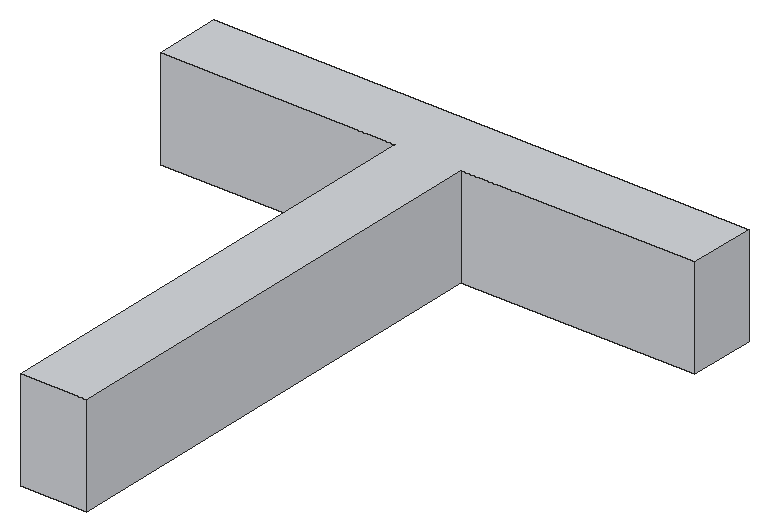
Revit family "設備サポート_T形", category Generic Models, host Face, Revit 2020
Family settings
  Host = Face
  Can host rebar = No
  Round Connector Dimension = Use Diameter
  Part Type = Normal
  Cut with Voids When Loaded = No
  Shared = No
  Room Calculation Point = No
Parameters
  高さ [instance] = 75 mm
  長さ1 [instance] = 400 mm
  端部からの長さ [instance] = 175 mm
  構造マテリアル [instance] = none
  Default Elevation = 0 mm
  長さ2 [instance] = 400 mm
  幅1 [instance] = 50 mm
Reference planes
  plane 1 "中心(正面/背面)": y = 0
  plane 2: z = 0
  plane 3 "中心(左/右)": x = 0
Forms (mm)
  Extrusion 1, solid, material <- "構造マテリアル"
    sketch origin (0, 0, 0) x (1, 0, 0) y (0, 1, 0)
      loop
        line (-200, 200) -> (-200, 150) -> (-25, 150) -> (-25, -200) -> (25, -200) -> (25, 150) -> (200, 150) -> (200, 200) -> (-200, 200)
    from 0 to 75
Lines and regions (mm)
  reference lines
    curve 1: line (200, 200, 0) -> (200, 150, 0)
    curve 2: line (-200, 200, 0) -> (200, 200, 0)
    curve 3: line (-200, 150, 0) -> (-25, 150, 0)
    curve 4: line (-200, 150, 0) -> (-200, 200, 0)
    curve 5: line (-25, 150, 0) -> (-25, -200, 0)
    curve 6: line (25, 150, 0) -> (25, -200, 0)
    curve 7: line (25, 150, 0) -> (200, 150, 0)
    curve 8: line (-25, -200, 0) -> (25, -200, 0)
    curve 9: line (-200, 0, 75) -> (200, 0, 75)
    curve 10: line (200, 0, 75) -> (25, 0, 75)
    curve 11: line (-25, 0, 75) -> (-200, 0, 75)
Dimensions and locks
  equal spacing: curve 2, plane 1 "中心(正面/背面)", curve 8
  equal spacing: curve 4, plane 3 "中心(左/右)", curve 1
  "長さ1": curve 8 to curve 2
  "高さ": curve 2 to curve 9
  "長さ2": curve 9 to curve 9
  equal spacing: curve 9, plane 3 "中心(左/右)", curve 9, locked at 200 each
  equal spacing: curve 2, plane 3 "中心(左/右)", curve 4
  "長さ2": curve 2 to curve 4
  "端部からの長さ": curve 7 to curve 8
  "端部からの長さ": curve 10 to curve 10
  curve 11 to curve 11 = 175 mm
  curve 5 to curve 4 = 175 mm
  "端部からの長さ": curve 4 to curve 5
  "幅1": Extrusion 1 to Extrusion 1  (x3)
  "長さ2": curve 4 to curve 1
  aligned and locked: plane 2 to host face
  aligned and locked: level to host face
  aligned and locked: Extrusion 1 to curve 1  (x4)
  aligned and locked: Extrusion 1 to curve 2  (x3)
  aligned and locked: Extrusion 1 to curve 3  (x2)
  aligned and locked: Extrusion 1 to curve 6  (x2)
  aligned and locked: Extrusion 1 to curve 5  (x2)
  aligned and locked: Extrusion 1 to curve 9
  aligned and locked: curve 2 to Extrusion 1
  aligned and locked: Extrusion 1 to curve 7
Automatic sketch dimensions
  host sketch curve to host sketch curve = 2438.4 mm  (x2)
  Extrusion 1 sketch curve to plane 3 "中心(左/右)" = 200 mm
  Extrusion 1 sketch curve to plane 3 "中心(左/右)" = 25 mm
  plane 3 "中心(左/右)" to Extrusion 1 sketch curve = 25 mm
  Extrusion 1 sketch curve to Extrusion 1 sketch curve = 175 mm
  plane 1 "中心(正面/背面)" to Extrusion 1 sketch curve = 200 mm
  Extrusion 1 sketch curve to plane 1 "中心(正面/背面)" = 150 mm
  Extrusion 1 sketch curve to Extrusion 1 sketch curve = 0 mm
  Extrusion 1 sketch curve to Extrusion 1 sketch curve = 50 mm
  plane 3 "中心(左/右)" to curve 8 = 25 mm
  plane 1 "中心(正面/背面)" to curve 8 = 200 mm
  curve 3 to plane 1 "中心(正面/背面)" = 150 mm
  curve 7 to curve 1 = 50 mm
  curve 11 to curve 9 = 0 mm
  curve 11 to curve 10 = 0 mm
